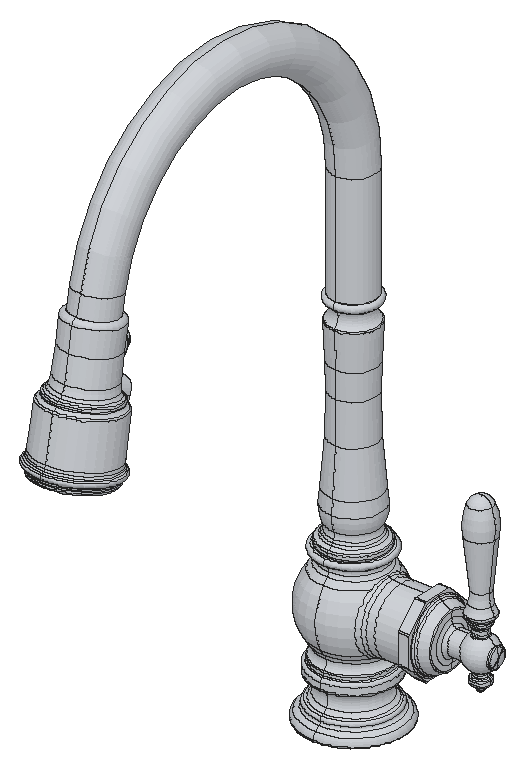
Revit family "Faucet-Kitchen-KOHLER-Artifacts-K-99259_1", category Plumbing Fixtures, host Face, Revit 2015
Parameters (values of type "CP - Polished Chrome")
  Width = 2 5/8"  # constant formula
  Waste Water Outlet = "Waste Water Outlet"  # constant formula
  Waste Connection = 1 = 0  # no
  Vent Connection = 1 = 0  # no
  URL = "https://www.us.kohler.com/us/"
  Type = 1
  Spout Reach = 9 1/16"  # constant formula
  Product Page URL = "http://www.us.kohler.com/us/catalog/productDetails.jsp?productNumber=99259"
  Product Name = "Artifacts"  # constant formula
  Product Documentation Link = "http://www.us.kohler.com/onlinecatalog/pdf/K-99259_spec.pdf"
  Pressure = 60.00 psi  # constant formula
  Model = if(Type = 1, "K-99259-CP", if(Type = 2, "K-99259-SN", if(Type = 3, "K-99259-VS", if(Type = 4, "K-99259-2BZ", "NA"))))  # "K-99259-CP"
  Material = "Premium Metal Construction"  # constant formula
  MasterFormat 2004 = "22.41.39"  # constant formula
  MasterFormat 1995 = "15410"  # constant formula
  Manufacturer Address = "444 Highland Dr, Kohler, WI 53044"  # constant formula
  Manufacturer = "KOHLER Co."  # constant formula
  Length = 11 7/16"  # constant formula
  Hot Water Inlet = "Hot Water Inlet"  # constant formula
  Height = 17 5/8"  # constant formula
  Handle Clearance = 4 7/8"  # constant formula
  HW Connection = 1 = 1  # yes
  Flow Rate = 1.5 GPM  # constant formula
  Finish = Kohler-Metal-CP-Polished_Chrome
  Faucet Hole Spacing = 0"
  Environmental Product Declaration = ""
  Drain Included = 1 = 0  # no
  Description = "Single-hole kitchen sink faucet with 17-5/8 inch pull-down spout and turned lever handle, DockNetik magnetic docking system, and 3-function sprayhead featuring Sweep and BerrySoft spray"  # constant formula
  Default Elevation = 36"
  Declare Label = ""
  Date Modified = "10/24/2018"  # constant formula
  Date Created = "10/24/2018"  # constant formula
  Copyright = "Copyright KOHLER Co."  # constant formula
  Contact Us = "https://www.us.kohler.com/us/static/contact.jsp"
  Cold Water Inlet = "Cold Water Inlet"  # constant formula
  CW Connection = 1 = 1  # yes
  Assembly Code = "D2010"
  ADA Compliant = 1 = 1  # yes
Reference planes (in)
  plane 1 "Center (Front/Back)": y = 0
  plane 2: z = 0
  plane 3 "Center (Left/Right)": x = 0
  plane 4: z = 17.625
  plane 5: y = 1.3125
  plane 6: y = -9.0625
  plane 7: y = -10.125
  plane 8: x = -1.3125
  plane 9: x = 1.3125
Dimensions and locks (in)
  "Height": level to plane 4
  "Length": plane 5 to plane 7
  "Spout Reach": plane 1 "Center (Front/Back)" to plane 6
  "Width": plane 8 to plane 9
  aligned and locked: plane 2 to host face
  aligned and locked: level to host face
Automatic sketch dimensions
  host sketch curve to host sketch curve = 96"  (x2)
Nested families (in)
  nested 1: "K-99259" at (0, 0, 0), type "K-99259"
Connectors (in)
  piping at (-0.58199, 0, 0), diameter 0.375, driven by "Flow Rate", driven by "Pressure", driven by "HW Connection", driven by "Hot Water Inlet"
    settings: on nested 1, index 1, connector inside diameter 24", connector length 0", flow factor 0, pipe flow 1.5 GPM, pressure drop 60.00 psi, fitting loss kfactor 0, connector angle 0.00°, fixture units 0, engagement length 0", angle of deflection 0.00°, flow configuration 1, flow direction 1, fitting loss method 4, system type 19, joint type 0, gender type 0, connector reference index -1, connector utility 1, adjustable connector no, is connector primary yes, connector description "Hot Water Inlet"
  piping at (0.58199, 0, 0), diameter 0.375, driven by "Flow Rate", driven by "Pressure", driven by "CW Connection", driven by "Cold Water Inlet"
    settings: on nested 1, index 2, connector inside diameter 24", connector length 0", flow factor 0, pipe flow 1.5 GPM, pressure drop 60.00 psi, fitting loss kfactor 0, connector angle 0.00°, fixture units 0, engagement length 0", angle of deflection 0.00°, flow configuration 1, flow direction 1, fitting loss method 4, system type 20, joint type 0, gender type 0, connector reference index -1, connector utility 1, adjustable connector no, is connector primary no, connector description "Cold Water Inlet"
Definition of nested family "K-99259"
  Parameters (values of type "K-99259")
    Material = none
  Reference planes (in)
    plane 1 "Center (Front/Back)": y = 0
    plane 2: z = 0
    plane 3 "Center (Left/Right)": x = 0
    plane 4 "A": through (0, -5.80621, 11.21426) normal (0, -0.9397, 0.342)
    plane 5: z = 17.625
    plane 6: y = -9.0625
    plane 7: z = 9.625
    plane 8: x = -1.3125
    plane 9: x = 1.3125
    plane 10: z = 6.375
    plane 11: z = 2.75
    plane 12: y = 1.3125
    plane 13: y = -10.125
    plane 14: y = -1.3125
  Forms (in)
    Sweep 1, solid, material <- "Material", detail levels medium+fine
      path origin (0, 0, 0) x (0, 1, 0) y (0, 0, 1)
        loop
          line (0, 9.90075) -> (0, 12.80434)
          arc (0, 12.80434) -> (-3.78632, 16.97276) -> (-8.29845, 13.60339) r 4.18769
          line (-8.29845, 13.60339) -> (-8.55403, 12.28855)
      profile origin (0, 0, 11.35254) x (0, -1, 0) y (1, 0, 0)
        loop
          circle (0, 0) r 0.5625
    Revolve 2, solid, material <- "Material", detail levels medium+fine
      sketch origin (0, -0.00781, 0) x (0, 1, 0) y (0, 0, 1)
        loop
          arc (-9.4025, 9.62223) -> (-9.39002, 9.61223) -> (-9.37501, 9.6067) r 0.04983
          line (-9.37501, 9.6067) -> (-9.07871, 9.54911) -> (-8.38894, 13.09769) -> (-8.95532, 13.20778)
          arc (-8.95532, 13.20778) -> (-9.05422, 13.18644) -> (-9.10703, 13.10014) r 0.12853
          arc (-9.10703, 13.10014) -> (-9.15527, 12.79365) -> (-9.21052, 12.48834) r 13.51963
          arc (-9.21052, 12.48834) -> (-9.27861, 12.16073) -> (-9.35611, 11.83522) r 11.61668
          arc (-9.35611, 11.83522) -> (-9.388, 11.73471) -> (-9.43152, 11.63866) r 0.89267
          arc (-9.43152, 11.63866) -> (-9.4565, 11.59926) -> (-9.48746, 11.56436) r 0.29048
          arc (-9.48746, 11.56436) -> (-9.52074, 11.54094) -> (-9.55949, 11.52851) r 0.13484
          arc (-9.55949, 11.52851) -> (-9.57898, 11.51924) -> (-9.59038, 11.50092) r 0.03836
          arc (-9.59038, 11.50092) -> (-9.59682, 11.47736) -> (-9.60304, 11.45375) r 2.69435
          arc (-9.60304, 11.45375) -> (-9.60726, 11.43864) -> (-9.61203, 11.4237) r 0.4197
          arc (-9.61203, 11.4237) -> (-9.64826, 11.37325) -> (-9.70642, 11.35147) r 0.10686
          arc (-9.70642, 11.35147) -> (-9.73002, 11.34183) -> (-9.743, 11.31988) r 0.03999
          line (-9.743, 11.31988) -> (-9.97416, 10.23235)
          arc (-9.97416, 10.23235) -> (-9.9833, 10.19565) -> (-9.99496, 10.15967) r 0.54553
          arc (-9.99496, 10.15967) -> (-10.00613, 10.13397) -> (-10.02039, 10.10985) r 0.22646
          arc (-10.02039, 10.10985) -> (-10.03667, 10.09174) -> (-10.05724, 10.07871) r 0.08933
          arc (-10.05724, 10.07871) -> (-10.08001, 10.067) -> (-10.10159, 10.05322) r 0.27399
          arc (-10.10159, 10.05322) -> (-10.12787, 9.99511) -> (-10.08993, 9.94384) r 0.06298
          arc (-10.08993, 9.94384) -> (-10.07053, 9.92982) -> (-10.05907, 9.90879) r 0.05413
          arc (-10.05907, 9.90879) -> (-10.05336, 9.8857) -> (-10.04921, 9.86227) r 0.35528
          arc (-10.04921, 9.86227) -> (-10.04753, 9.84503) -> (-10.04741, 9.82771) r 0.19229
          arc (-10.04741, 9.82771) -> (-10.04878, 9.79864) -> (-10.05066, 9.7696) r 1.64484
          arc (-10.05066, 9.7696) -> (-10.04584, 9.7534) -> (-10.03147, 9.74449) r 0.02379
          line (-10.03147, 9.74449) -> (-9.4025, 9.62223)
        axis (-8.38894, 13.09769) -> (-9.07871, 9.54911)
      angle from 0 to 360
    Revolve 3, solid, material <- "Material", detail levels medium+fine
      sketch origin (0, 0, 0) x (0, 1, 0) y (0, 0, 1)
        loop
          line (-7.70484, 12.46444) -> (-7.69609, 12.50946)
          arc (-7.69609, 12.50946) -> (-7.6993, 12.5298) -> (-7.71482, 12.54334) r 0.03016
          arc (-7.71482, 12.54334) -> (-7.73942, 12.55707) -> (-7.75929, 12.57705) r 0.10112
          arc (-7.75929, 12.57705) -> (-7.76852, 12.59534) -> (-7.7709, 12.61569) r 0.05872
          arc (-7.7709, 12.61569) -> (-7.77673, 12.63449) -> (-7.79349, 12.6448) r 0.02798
          line (-7.79349, 12.6448) -> (-8.05346, 12.69533) -> (-8.13657, 12.2678) -> (-7.5609, 12.1559)
          arc (-7.5609, 12.1559) -> (-7.54522, 12.26048) -> (-7.5381, 12.36599) r 1.29763
          arc (-7.5381, 12.36599) -> (-7.53909, 12.38779) -> (-7.53663, 12.40948) r 0.13815
          arc (-7.53663, 12.40948) -> (-7.53997, 12.42587) -> (-7.55391, 12.4351) r 0.02185
          line (-7.55391, 12.4351) -> (-7.70484, 12.46444)
        axis (-7.5609, 12.1559) -> (-8.13657, 12.2678)
      angle from 0 to 360
    Revolve 4, solid, material <- "Material", detail levels medium+fine
      sketch origin (0, 0, 0) x (1, 0, 0) y (0, 0, 1)
        loop
          line (0.3024, 2.67865) -> (3.15231, 2.67865) -> (3.15231, 2.99043) -> (2.6837, 2.99043)
          arc (2.6837, 2.99043) -> (2.61603, 3.0112) -> (2.57282, 3.06728) r 0.1167
          arc (2.57282, 3.06728) -> (2.55475, 3.13484) -> (2.54866, 3.20451) r 0.40195
          line (2.54866, 3.20451) -> (2.54866, 3.3497)
          arc (2.54866, 3.3497) -> (2.54451, 3.36662) -> (2.53299, 3.37968) r 0.03651
          arc (2.53299, 3.37968) -> (2.41861, 3.44736) -> (2.29563, 3.49773) r 0.91341
          arc (2.29563, 3.49773) -> (2.26563, 3.51104) -> (2.23845, 3.52943) r 0.18534
          arc (2.23845, 3.52943) -> (2.22435, 3.54361) -> (2.21351, 3.56043) r 0.09548
          arc (2.21351, 3.56043) -> (2.19997, 3.58149) -> (2.18236, 3.59929) r 0.12054
          line (2.18236, 3.59929) -> (2.18236, 3.52943) -> (1.21765, 3.52943)
          arc (1.21765, 3.52943) -> (1.11202, 3.53258) -> (1.00677, 3.54202) r 1.77146
          arc (1.00677, 3.54202) -> (0.95648, 3.55329) -> (0.90947, 3.57444) r 0.2553
          arc (0.90947, 3.57444) -> (0.64261, 3.68502) -> (0.35621, 3.72274) r 1.10614
          line (0.35621, 3.72274) -> (0.3024, 3.72274) -> (0.3024, 2.67865)
        loop
          line (3.62786, 2.94365) -> (3.62786, 2.67865) -> (3.75947, 2.67865)
          arc (3.75947, 2.67865) -> (3.7519, 2.79802) -> (3.72539, 2.91465) r 0.74746
          arc (3.72539, 2.91465) -> (3.71916, 2.93098) -> (3.70712, 2.94365) r 0.04454
          line (3.70712, 2.94365) -> (3.62786, 2.94365)
        axis (3.75947, 2.67865) -> (0.3024, 2.67865)
      angle from 0 to 360
    Revolve 5, solid, material <- "Material", detail levels medium+fine
      sketch origin (0, 0, 0) x (1, 0, 0) y (0, 0, 1)
        loop
          line (3.30354, 3.60165) -> (3.30354, 1.76818)
          arc (3.30354, 1.76818) -> (3.33518, 1.77585) -> (3.36294, 1.79286) r 0.1049
          arc (3.36294, 1.79286) -> (3.38417, 1.81395) -> (3.40192, 1.83804) r 0.19502
          arc (3.40192, 1.83804) -> (3.41333, 1.85567) -> (3.4253, 1.87291) r 0.64788
          arc (3.4253, 1.87291) -> (3.45949, 1.91644) -> (3.49727, 1.95689) r 0.64788
          arc (3.49727, 1.95689) -> (3.51228, 1.96821) -> (3.52971, 1.97526) r 0.07213
          arc (3.52971, 1.97526) -> (3.5457, 1.98581) -> (3.55189, 2.00395) r 0.02963
          line (3.55189, 2.00395) -> (3.55189, 2.07885)
          arc (3.55189, 2.07885) -> (3.54701, 2.0951) -> (3.53399, 2.10596) r 0.02948
          arc (3.53399, 2.10596) -> (3.51196, 2.11856) -> (3.49341, 2.13586) r 0.10989
          arc (3.49341, 2.13586) -> (3.48156, 2.15159) -> (3.47164, 2.1686) r 0.16772
          arc (3.47164, 2.1686) -> (3.46387, 2.19027) -> (3.46173, 2.2132) r 0.09206
          arc (3.46173, 2.2132) -> (3.4633, 2.23228) -> (3.46678, 2.2511) r 0.191
          arc (3.46678, 2.2511) -> (3.4759, 2.26968) -> (3.49218, 2.28248) r 0.04661
          arc (3.49218, 2.28248) -> (3.74292, 2.67267) -> (3.50313, 3.06968) r 0.4385
          arc (3.50313, 3.06968) -> (3.49149, 3.08042) -> (3.48719, 3.09566) r 0.02914
          line (3.48719, 3.09566) -> (3.48719, 3.15385)
          arc (3.48719, 3.15385) -> (3.48756, 3.20539) -> (3.48865, 3.25693) r 3.63054
          arc (3.48865, 3.25693) -> (3.48967, 3.27258) -> (3.49183, 3.28812) r 0.2143
          arc (3.49183, 3.28812) -> (3.49587, 3.30353) -> (3.50234, 3.31809) r 0.09829
          arc (3.50234, 3.31809) -> (3.51491, 3.33204) -> (3.53242, 3.33882) r 0.04048
          arc (3.53242, 3.33882) -> (3.54757, 3.34698) -> (3.55362, 3.36309) r 0.02449
          line (3.55362, 3.36309) -> (3.55362, 3.41796)
          arc (3.55362, 3.41796) -> (3.54427, 3.44052) -> (3.5217, 3.44987) r 0.03191
          spline (3.5217, 3.44987) -> (3.53634, 3.45424) -> (3.55034, 3.45936) -> (3.56373, 3.46523) -> (3.57649, 3.47183) -> (3.58863, 3.47918) -> (3.60015, 3.48728) -> (3.61104, 3.49612) -> (3.62131, 3.5057) -> (3.63095, 3.51602) -> (3.63998, 3.52709) -> (3.64837, 3.5389) -> (3.65615, 3.55146)
          arc (3.65615, 3.55146) -> (3.66287, 3.57655) -> (3.65615, 3.60165) r 0.05019
          arc (3.65615, 3.60165) -> (3.60376, 3.70879) -> (3.56658, 3.8221) r 0.86693
          arc (3.56658, 3.8221) -> (3.53951, 3.97977) -> (3.53732, 4.13973) r 1.02396
          arc (3.53732, 4.13973) -> (3.59153, 4.77229) -> (3.67219, 5.40202) r 15.14857
          arc (3.67219, 5.40202) -> (3.67894, 5.76745) -> (3.5916, 6.12235) r 1.41088
          arc (3.5916, 6.12235) -> (3.47816, 6.26705) -> (3.30354, 6.32465) r 0.31761
          line (3.30354, 6.32465) -> (3.30354, 3.60165)
        axis (3.30354, 6.32465) -> (3.30354, 1.76818)
      angle from 0 to 360
    Extrusion 6, solid, material <- "Material", detail levels medium+fine
      sketch origin (0, 0, 0) x (0, 1, 0) y (0, 0, 1)
        loop
          arc (-0.92161, 3.07864) -> (-0.93104, 3.06511) -> (-0.93521, 3.04915) r 0.04694
          line (-0.93521, 3.04915) -> (-0.93521, 2.30815)
          arc (-0.93521, 2.30815) -> (-0.93164, 2.29224) -> (-0.92161, 2.27938) r 0.03722
          line (-0.92161, 2.27938) -> (-0.39836, 1.75614)
          arc (-0.39836, 1.75614) -> (-0.38244, 1.74629) -> (-0.3638, 1.7446) r 0.04077
          line (-0.3638, 1.7446) -> (0.36386, 1.7446)
          arc (0.36386, 1.7446) -> (0.38063, 1.74717) -> (0.39586, 1.75463) r 0.0561
          line (0.39586, 1.75463) -> (0.92406, 2.28283)
          arc (0.92406, 2.28283) -> (0.93143, 2.30316) -> (0.93393, 2.32464) r 0.09349
          line (0.93393, 2.32464) -> (0.93393, 3.04055)
          arc (0.93393, 3.04055) -> (0.93349, 3.05915) -> (0.92406, 3.07519) r 0.03703
          line (0.92406, 3.07519) -> (0.39586, 3.60339)
          arc (0.39586, 3.60339) -> (0.38063, 3.61085) -> (0.36386, 3.61342) r 0.0561
          line (0.36386, 3.61342) -> (-0.3638, 3.61342)
          arc (-0.3638, 3.61342) -> (-0.38244, 3.61173) -> (-0.39836, 3.60188) r 0.04077
          line (-0.39836, 3.60188) -> (-0.92161, 3.07864)
      from 1.90976 to 2.19119
    Extrusion 7, solid, material <- "Material", detail levels medium+fine
      sketch origin (0, -9.98562, 0.36054) x (0, 0.34202, 0.939693) y (-1, 0, 0)
        loop
          line (10.31186, -0.37248) -> (10.78024, -0.37233)
          arc (10.78024, -0.37233) -> (11.12388, -0.02846) -> (10.78001, 0.31517) r 0.34375
          line (10.78001, 0.31517) -> (10.31163, 0.31502)
          arc (10.31163, 0.31502) -> (9.968, -0.02885) -> (10.31186, -0.37248) r 0.34375
      from 1.25959 to 2.00568
    Extrusion 8, solid, material <- "Material", detail levels medium+fine
      sketch origin (0, 0, 0) x (1, 0, 0) y (0, 1, 0)
        loop
          circle (0.58199, 0) r 0.1875
        loop
          circle (-0.58199, 0) r 0.1875
      from 0 to 0.02439
    Revolve 9, solid, material <- "Material", detail levels medium+fine
      sketch origin (0, 0, 0) x (0, 1, 0) y (0, 0, 1)
        loop
          arc (1.28053, 0) -> (1.29481, 0.00597) -> (1.3006, 0.02033) r 0.02008
          arc (1.3006, 0.02033) -> (1.28166, 0.1163) -> (1.22976, 0.19921) r 0.26993
          arc (1.22976, 0.19921) -> (1.17218, 0.24877) -> (1.10455, 0.28339) r 0.32068
          arc (1.10455, 0.28339) -> (1.0669, 0.31812) -> (1.06464, 0.36929) r 0.06725
          arc (1.06464, 0.36929) -> (1.06064, 0.4273) -> (1.01511, 0.46347) r 0.07205
          arc (1.01511, 0.46347) -> (0.98141, 0.47612) -> (0.95102, 0.49542) r 0.17459
          arc (0.95102, 0.49542) -> (0.90252, 0.54188) -> (0.86364, 0.59664) r 0.35494
          arc (0.86364, 0.59664) -> (0.83989, 0.87292) -> (1.03652, 1.06846) r 0.32764
          arc (1.03652, 1.06846) -> (1.04991, 1.07869) -> (1.05499, 1.09475) r 0.02794
          line (1.05499, 1.09475) -> (1.05499, 1.26925)
          arc (1.05499, 1.26925) -> (1.03607, 1.32522) -> (0.98707, 1.35823) r 0.09224
          arc (0.98707, 1.35823) -> (0.97155, 1.36868) -> (0.96555, 1.38641) r 0.02921
          line (0.96555, 1.38641) -> (0.96555, 1.4655)
          arc (0.96555, 1.4655) -> (0.96209, 1.48061) -> (0.9524, 1.49269) r 0.03468
          arc (0.9524, 1.49269) -> (0.87945, 1.60216) -> (0.88455, 1.7336) r 0.21338
          arc (0.88455, 1.7336) -> (0.91348, 1.79779) -> (0.95124, 1.85723) r 0.49427
          arc (0.95124, 1.85723) -> (1.00236, 1.92941) -> (1.05038, 2.00369) r 2.09464
          arc (1.05038, 2.00369) -> (1.23935, 2.75029) -> (0.96665, 3.47055) r 1.28264
          arc (0.96665, 3.47055) -> (0.90668, 3.54587) -> (0.8459, 3.62054) r 8.80401
          arc (0.8459, 3.62054) -> (0.81519, 3.66947) -> (0.79791, 3.72459) r 0.22574
          arc (0.79791, 3.72459) -> (0.80331, 3.7998) -> (0.84374, 3.86344) r 0.15409
          arc (0.84374, 3.86344) -> (0.85902, 3.87589) -> (0.87596, 3.88597) r 0.1339
          arc (0.87596, 3.88597) -> (0.90394, 3.90174) -> (0.93021, 3.92023) r 0.32051
          arc (0.93021, 3.92023) -> (0.95479, 4.00329) -> (0.88427, 4.05402) r 0.07459
          line (0.88427, 4.05402) -> (0.79296, 4.05402)
          arc (0.79296, 4.05402) -> (0.81493, 4.06329) -> (0.82401, 4.08534) r 0.03132
          line (0.82401, 4.08534) -> (0.82401, 4.18282)
          arc (0.82401, 4.18282) -> (0.81875, 4.19999) -> (0.80479, 4.21127) r 0.03068
          arc (0.80479, 4.21127) -> (0.75064, 4.24026) -> (0.70403, 4.28026) r 0.28264
          arc (0.70403, 4.28026) -> (0.68148, 4.30684) -> (0.66164, 4.3355) r 0.35537
          arc (0.66164, 4.3355) -> (0.64277, 4.36965) -> (0.62751, 4.40556) r 0.37838
          arc (0.62751, 4.40556) -> (0.61339, 4.49816) -> (0.63623, 4.58901) r 0.23716
          arc (0.63623, 4.58901) -> (0.70176, 4.78872) -> (0.71457, 4.99852) r 0.82313
          arc (0.71457, 4.99852) -> (0.69953, 5.18639) -> (0.67965, 5.37381) r 7.32072
          arc (0.67965, 5.37381) -> (0.61929, 5.96327) -> (0.57839, 6.5544) r 17.9792
          arc (0.57839, 6.5544) -> (0.56033, 7.09048) -> (0.56256, 7.62687) r 14.17307
          line (0.56256, 7.62687) -> (0.57833, 8.30959)
          arc (0.57833, 8.30959) -> (0.59426, 8.77479) -> (0.62056, 9.23952) r 20.87522
          arc (0.62056, 9.23952) -> (0.61765, 9.25569) -> (0.60744, 9.26856) r 0.03373
          arc (0.60744, 9.26856) -> (0.49432, 9.46239) -> (0.54938, 9.67995) r 0.29654
          arc (0.54938, 9.67995) -> (0.56171, 9.69138) -> (0.57738, 9.69749) r 0.04508
          arc (0.57738, 9.69749) -> (0.60032, 9.70509) -> (0.62038, 9.71855) r 0.08936
          arc (0.62038, 9.71855) -> (0.64398, 9.81487) -> (0.56234, 9.87117) r 0.08734
          line (0.56234, 9.87117) -> (0.43948, 9.87117)
          arc (0.43948, 9.87117) -> (0.41077, 9.87944) -> (0.38985, 9.90075) r 0.05874
          line (0.38985, 9.90075) -> (0.38985, 10.12193) -> (0, 10.12193) -> (0, 0) -> (1.28053, 0)
        axis (0, 10.12193) -> (0, 0)
      angle from 0 to 360
    Extrusion 10, void, detail levels medium+fine
      sketch origin (0, 0, 0) x (0, 1, 0) y (0, 0, 1)
        loop
          arc (-7.58197, 11.32662) -> (-7.54782, 11.28651) -> (-7.55947, 11.23513) r 0.05884
          arc (-7.55947, 11.23513) -> (-7.62097, 11.15622) -> (-7.67845, 11.07433) r 2.00367
          arc (-7.67845, 11.07433) -> (-7.81569, 10.80866) -> (-7.89147, 10.5194) r 1.35822
          arc (-7.89147, 10.5194) -> (-7.90357, 10.42124) -> (-7.9111, 10.32262) r 2.12727
          arc (-7.9111, 10.32262) -> (-7.92588, 10.28428) -> (-7.96042, 10.26203) r 0.06627
          line (-7.96042, 10.26203) -> (-7.96042, 10.05173) -> (-7.15129, 10.05173) -> (-7.15129, 11.73353) -> (-7.7903, 11.73353) -> (-7.7903, 11.41505) -> (-7.58197, 11.32662)
      from -0.61054 to 1.08332
    Extrusion 11, void, detail levels medium+fine
      sketch origin (0, 0, 0) x (0, 1, 0) y (0, 0, 1)
        loop
          line (0.06384, 2.78668) -> (-0.10803, 2.61481)
          arc (-0.10803, 2.61481) -> (-0.13698, 2.58716) -> (-0.16715, 2.56086) r 0.87669
          arc (-0.16715, 2.56086) -> (-0.18046, 2.55202) -> (-0.19536, 2.54625) r 0.07401
          arc (-0.19536, 2.54625) -> (-0.16883, 2.51375) -> (-0.13696, 2.48646) r 0.236
          arc (-0.13696, 2.48646) -> (-0.10187, 2.52982) -> (-0.06384, 2.57061) r 0.79606
          line (-0.06384, 2.57061) -> (0.10803, 2.74249)
          arc (0.10803, 2.74249) -> (0.14883, 2.78053) -> (0.19217, 2.81564) r 0.79992
          arc (0.19217, 2.81564) -> (0.16494, 2.84744) -> (0.13252, 2.87393) r 0.236
          arc (0.13252, 2.87393) -> (0.12592, 2.85736) -> (0.11583, 2.84265) r 0.08057
          arc (0.11583, 2.84265) -> (0.09035, 2.81419) -> (0.06384, 2.78668) r 1.03848
      from 3.60861 to 3.81652
    Extrusion 12, solid, material <- "Material", detail levels coarse
      sketch origin (0, 0, 0) x (1, 0, 0) y (0, 1, 0)
        loop
          circle (0, 0) r 1.29955
      from 0 to 4.04952
    Sweep 13, solid, material <- "Material", detail levels coarse
      path origin (0, 0, 0) x (0, 1, 0) y (0, 0, 1)
        loop
          line (0, 4.05402) -> (0, 12.81613)
          arc (0, 12.81613) -> (-3.7853, 16.98342) -> (-8.2962, 13.61497) r 4.18656
          line (-8.2962, 13.61497) -> (-9.08462, 9.55892)
      profile origin (0, 0, 8.43508) x (0, -1, 0) y (1, 0, 0)
        loop
          circle (0, 0) r 1.09766
    Extrusion 14, solid, material <- "Material", detail levels coarse
      sketch origin (0, 0, 0) x (0, 1, 0) y (0, 0, 1)
        loop
          circle (0, 2.67865) r 1.0419
      from 0 to 2.6837
    Extrusion 15, solid, material <- "Material", detail levels coarse
      sketch origin (0, 0, 0) x (1, 0, 0) y (0, 1, 0)
        loop
          circle (3.30354, 0) r 0.48789
      from 1.75463 to 6.39697
    Extrusion 16, solid, material <- "Material", detail levels coarse
      sketch origin (0, 0, 0) x (0, 1, 0) y (0, 0, 1)
        loop
          circle (0, 2.67865) r 0.31178
      from 2.54478 to 2.88361
  Cuts and joins
    Extrusion 11 cuts Revolve 4
    joined: Sweep 1, Revolve 2, Revolve 4, Revolve 5, Extrusion 6
    Extrusion 10 cuts Extrusion 7
    joined: Revolve 3, Extrusion 7, Revolve 9
    joined: Extrusion 12, Sweep 13, Extrusion 14, Extrusion 15, Extrusion 16
  Lines and regions (in)
    Masking region 1
      outline origin (0, 0, 0) x (1, 0, 0) y (0, 1, 0)
        loop
          line (-0.56316, -1.18554) -> (-0.56316, -7.95731)
          arc (-0.56316, -7.95731) -> (-0.7658, -8.14363) -> (-0.90918, -8.37863) r 0.98818
          arc (-0.90918, -8.37863) -> (-1.03892, -9.43039) -> (-0.22198, -10.10541) r 1.10221
          arc (-0.22198, -10.10541) -> (0.09719, -10.12064) -> (0.40794, -10.04621) r 1.13385
          arc (0.40794, -10.04621) -> (1.07273, -9.32589) -> (0.90085, -8.36087) r 1.10221
          arc (0.90085, -8.36087) -> (0.75925, -8.13672) -> (0.56316, -7.95828) r 0.98818
          line (0.56316, -7.95828) -> (0.56316, -1.18554)
          arc (0.56316, -1.18554) -> (0.78996, -1.04815) -> (0.98451, -0.86798) r 1.3125
          arc (0.98451, -0.86798) -> (1.0804, -0.85513) -> (1.17704, -0.85084) r 1.08987
          line (1.17704, -0.85084) -> (1.91061, -0.85084) -> (1.91061, -0.88441) -> (1.93483, -0.92104)
          arc (1.93483, -0.92104) -> (1.94638, -0.9315) -> (1.96154, -0.93511) r 0.03136
          line (1.96154, -0.93511) -> (2.15892, -0.93167)
          arc (2.15892, -0.93167) -> (2.17594, -0.92743) -> (2.18938, -0.91616) r 0.03901
          arc (2.18938, -0.91616) -> (2.20176, -0.89932) -> (2.2137, -0.88217) r 0.82493
          arc (2.2137, -0.88217) -> (2.24911, -0.84441) -> (2.29449, -0.81949) r 0.16491
          arc (2.29449, -0.81949) -> (2.42603, -0.76259) -> (2.54928, -0.68945) r 1.12629
          line (2.54928, -0.68945) -> (2.54928, -0.51338)
          arc (2.54928, -0.51338) -> (2.55428, -0.45617) -> (2.56915, -0.40069) r 0.32948
          arc (2.56915, -0.40069) -> (2.61157, -0.33659) -> (2.68432, -0.31178) r 0.11905
          line (2.68432, -0.31178) -> (2.9516, -0.31178)
          arc (2.9516, -0.31178) -> (2.98544, -0.31784) -> (3.01506, -0.33527) r 0.09746
          arc (3.01506, -0.33527) -> (3.35083, -0.43909) -> (3.65611, -0.26496) r 0.44173
          line (3.65611, -0.26496) -> (3.70712, -0.26496)
          arc (3.70712, -0.26496) -> (3.71818, -0.25169) -> (3.72539, -0.236) r 0.0655
          arc (3.72539, -0.236) -> (3.76088, 0) -> (3.72539, 0.236) r 0.80253
          arc (3.72539, 0.236) -> (3.71999, 0.25227) -> (3.70851, 0.26501) r 0.04185
          line (3.70851, 0.26501) -> (3.65607, 0.26501)
          arc (3.65607, 0.26501) -> (3.35083, 0.43909) -> (3.01511, 0.3353) r 0.44173
          arc (3.01511, 0.3353) -> (2.98543, 0.31785) -> (2.95153, 0.31178) r 0.09766
          line (2.95153, 0.31178) -> (2.68432, 0.31178)
          arc (2.68432, 0.31178) -> (2.61157, 0.33659) -> (2.56915, 0.40069) r 0.11905
          arc (2.56915, 0.40069) -> (2.55428, 0.45617) -> (2.54928, 0.51338) r 0.32948
          line (2.54928, 0.51338) -> (2.54928, 0.68945)
          arc (2.54928, 0.68945) -> (2.42657, 0.76232) -> (2.29563, 0.81908) r 1.12629
          arc (2.29563, 0.81908) -> (2.27641, 0.82635) -> (2.25743, 0.83424) r 0.64305
          arc (2.25743, 0.83424) -> (2.24146, 0.84424) -> (2.22915, 0.85851) r 0.06308
          arc (2.22915, 0.85851) -> (2.20988, 0.88776) -> (2.18938, 0.91616) r 0.82493
          arc (2.18938, 0.91616) -> (2.17594, 0.92743) -> (2.15892, 0.93167) r 0.03901
          line (2.15892, 0.93167) -> (1.96154, 0.93511)
          arc (1.96154, 0.93511) -> (1.94638, 0.9315) -> (1.93483, 0.92104) r 0.03136
          line (1.93483, 0.92104) -> (1.91061, 0.88441) -> (1.91061, 0.84999) -> (1.17704, 0.84999)
          arc (1.17704, 0.84999) -> (1.08085, 0.85424) -> (0.98541, 0.86696) r 1.08987
          arc (0.98541, 0.86696) -> (-1.04775, 0.7905) -> (-0.56316, -1.18554) r 1.3125
    Masking region 2
      outline origin (0, 0, 0) x (1, 0, 0) y (0, 0, 1)
        loop
          line (-1.29243, 0) -> (1.29244, 0)
          arc (1.29244, 0) -> (1.30673, 0.00597) -> (1.31252, 0.02033) r 0.02008
          arc (1.31252, 0.02033) -> (1.29357, 0.1163) -> (1.24167, 0.19921) r 0.26993
          arc (1.24167, 0.19921) -> (1.18409, 0.24877) -> (1.11646, 0.28339) r 0.32068
          arc (1.11646, 0.28339) -> (1.07881, 0.31812) -> (1.07655, 0.36929) r 0.06725
          arc (1.07655, 0.36929) -> (1.07255, 0.4273) -> (1.02703, 0.46347) r 0.07205
          arc (1.02703, 0.46347) -> (0.99332, 0.47612) -> (0.96293, 0.49542) r 0.17459
          arc (0.96293, 0.49542) -> (0.91443, 0.54188) -> (0.87555, 0.59664) r 0.35494
          arc (0.87555, 0.59664) -> (0.8518, 0.87292) -> (1.04843, 1.06846) r 0.32764
          arc (1.04843, 1.06846) -> (1.06182, 1.07869) -> (1.0669, 1.09475) r 0.02794
          line (1.0669, 1.09475) -> (1.0669, 1.26925)
          arc (1.0669, 1.26925) -> (1.04798, 1.32522) -> (0.99898, 1.35823) r 0.09224
          arc (0.99898, 1.35823) -> (0.98346, 1.36868) -> (0.97747, 1.38641) r 0.02921
          line (0.97747, 1.38641) -> (0.97747, 1.4655)
          arc (0.97747, 1.4655) -> (0.97401, 1.48061) -> (0.96431, 1.49269) r 0.03468
          arc (0.96431, 1.49269) -> (0.89136, 1.60216) -> (0.89646, 1.7336) r 0.21338
          arc (0.89646, 1.7336) -> (0.90444, 1.75391) -> (0.9133, 1.77385) r 0.49427
          arc (0.9133, 1.77385) -> (0.923, 1.78737) -> (0.93687, 1.79656) r 0.04605
          arc (0.93687, 1.79656) -> (0.97115, 1.80841) -> (1.00677, 1.81527) r 0.2553
          arc (1.00677, 1.81527) -> (1.11202, 1.82472) -> (1.21765, 1.82787) r 1.77146
          line (1.21765, 1.82787) -> (1.90976, 1.82787) -> (1.90976, 1.79383) -> (1.93672, 1.75805)
          arc (1.93672, 1.75805) -> (1.94844, 1.74731) -> (1.9639, 1.7436) r 0.03174
          line (1.9639, 1.7436) -> (2.15087, 1.74686)
          arc (2.15087, 1.74686) -> (2.16848, 1.75023) -> (2.18392, 1.75933) r 0.05249
          arc (2.18392, 1.75933) -> (2.2006, 1.77663) -> (2.21351, 1.79689) r 0.12054
          arc (2.21351, 1.79689) -> (2.22435, 1.81368) -> (2.23845, 1.82787) r 0.09548
          arc (2.23845, 1.82787) -> (2.26563, 1.84626) -> (2.29563, 1.85957) r 0.18534
          arc (2.29563, 1.85957) -> (2.41861, 1.90993) -> (2.53299, 1.97762) r 0.91341
          arc (2.53299, 1.97762) -> (2.54451, 1.99068) -> (2.54866, 2.0076) r 0.03651
          line (2.54866, 2.0076) -> (2.54866, 2.15278)
          arc (2.54866, 2.15278) -> (2.55475, 2.22246) -> (2.57282, 2.29002) r 0.40195
          arc (2.57282, 2.29002) -> (2.61603, 2.34609) -> (2.6837, 2.36687) r 0.1167
          line (2.6837, 2.36687) -> (2.94396, 2.36687)
          arc (2.94396, 2.36687) -> (2.98816, 2.3593) -> (3.02733, 2.33744) r 0.13281
          arc (3.02733, 2.33744) -> (3.06949, 2.30737) -> (3.11489, 2.28248) r 0.4385
          arc (3.11489, 2.28248) -> (3.13117, 2.26968) -> (3.14029, 2.2511) r 0.04661
          arc (3.14029, 2.2511) -> (3.14377, 2.23228) -> (3.14534, 2.2132) r 0.191
          arc (3.14534, 2.2132) -> (3.1432, 2.19027) -> (3.13543, 2.1686) r 0.09206
          arc (3.13543, 2.1686) -> (3.12551, 2.15159) -> (3.11366, 2.13586) r 0.16772
          arc (3.11366, 2.13586) -> (3.09511, 2.11856) -> (3.07308, 2.10596) r 0.10989
          arc (3.07308, 2.10596) -> (3.06006, 2.0951) -> (3.05518, 2.07885) r 0.02948
          line (3.05518, 2.07885) -> (3.05518, 2.00395)
          arc (3.05518, 2.00395) -> (3.06137, 1.98581) -> (3.07736, 1.97526) r 0.02963
          arc (3.07736, 1.97526) -> (3.09479, 1.96821) -> (3.1098, 1.95689) r 0.07213
          arc (3.1098, 1.95689) -> (3.14758, 1.91644) -> (3.18177, 1.87291) r 0.64788
          arc (3.18177, 1.87291) -> (3.19374, 1.85567) -> (3.20515, 1.83804) r 0.64788
          arc (3.20515, 1.83804) -> (3.2229, 1.81395) -> (3.24413, 1.79286) r 0.19502
          arc (3.24413, 1.79286) -> (3.2719, 1.77585) -> (3.30354, 1.76818) r 0.1049
          arc (3.30354, 1.76818) -> (3.33518, 1.77585) -> (3.36294, 1.79286) r 0.1049
          arc (3.36294, 1.79286) -> (3.38417, 1.81395) -> (3.40192, 1.83804) r 0.19502
          arc (3.40192, 1.83804) -> (3.41333, 1.85567) -> (3.4253, 1.87291) r 0.64788
          arc (3.4253, 1.87291) -> (3.45949, 1.91644) -> (3.49727, 1.95689) r 0.64788
          arc (3.49727, 1.95689) -> (3.51228, 1.96821) -> (3.52971, 1.97526) r 0.07213
          arc (3.52971, 1.97526) -> (3.5457, 1.98581) -> (3.55189, 2.00395) r 0.02963
          line (3.55189, 2.00395) -> (3.55189, 2.07885)
          arc (3.55189, 2.07885) -> (3.54701, 2.0951) -> (3.53399, 2.10596) r 0.02948
          arc (3.53399, 2.10596) -> (3.51196, 2.11856) -> (3.49341, 2.13586) r 0.10989
          arc (3.49341, 2.13586) -> (3.48156, 2.15159) -> (3.47164, 2.1686) r 0.16772
          arc (3.47164, 2.1686) -> (3.46387, 2.19027) -> (3.46173, 2.2132) r 0.09206
          arc (3.46173, 2.2132) -> (3.4633, 2.23228) -> (3.46678, 2.2511) r 0.191
          arc (3.46678, 2.2511) -> (3.4759, 2.26968) -> (3.49218, 2.28248) r 0.04661
          arc (3.49218, 2.28248) -> (3.58085, 2.33834) -> (3.65373, 2.41364) r 0.4385
          line (3.65373, 2.41364) -> (3.70712, 2.41364)
          arc (3.70712, 2.41364) -> (3.71916, 2.42632) -> (3.72539, 2.44265) r 0.04454
          arc (3.72539, 2.44265) -> (3.7519, 2.55928) -> (3.75947, 2.67865) r 0.74746
          arc (3.75947, 2.67865) -> (3.7519, 2.79802) -> (3.72539, 2.91465) r 0.74746
          arc (3.72539, 2.91465) -> (3.71916, 2.93098) -> (3.70712, 2.94365) r 0.04454
          line (3.70712, 2.94365) -> (3.65392, 2.94365)
          arc (3.65392, 2.94365) -> (3.58567, 3.01523) -> (3.50313, 3.06968) r 0.4385
          arc (3.50313, 3.06968) -> (3.49149, 3.08042) -> (3.48719, 3.09566) r 0.02914
          line (3.48719, 3.09566) -> (3.48719, 3.15385)
          arc (3.48719, 3.15385) -> (3.48756, 3.20539) -> (3.48865, 3.25693) r 3.63054
          arc (3.48865, 3.25693) -> (3.48967, 3.27258) -> (3.49183, 3.28812) r 0.2143
          arc (3.49183, 3.28812) -> (3.49587, 3.30353) -> (3.50234, 3.31809) r 0.09829
          arc (3.50234, 3.31809) -> (3.51491, 3.33204) -> (3.53242, 3.33882) r 0.04048
          arc (3.53242, 3.33882) -> (3.54757, 3.34698) -> (3.55362, 3.36309) r 0.02449
          line (3.55362, 3.36309) -> (3.55362, 3.41796)
          arc (3.55362, 3.41796) -> (3.54427, 3.44052) -> (3.5217, 3.44987) r 0.03191
          arc (3.5217, 3.44987) -> (3.59923, 3.48703) -> (3.65615, 3.55146) r 0.21631
          arc (3.65615, 3.55146) -> (3.66287, 3.57655) -> (3.65615, 3.60165) r 0.05019
          arc (3.65615, 3.60165) -> (3.60376, 3.70879) -> (3.56658, 3.8221) r 0.86693
          arc (3.56658, 3.8221) -> (3.53951, 3.97977) -> (3.53732, 4.13973) r 1.02396
          arc (3.53732, 4.13973) -> (3.59153, 4.77229) -> (3.67219, 5.40202) r 15.14857
          arc (3.67219, 5.40202) -> (3.67198, 5.82057) -> (3.54897, 6.22063) r 1.41088
          arc (3.54897, 6.22063) -> (3.30354, 6.37513) -> (3.0581, 6.22063) r 0.2722
          arc (3.0581, 6.22063) -> (2.9351, 5.82057) -> (2.93488, 5.40202) r 1.41088
          arc (2.93488, 5.40202) -> (3.01554, 4.77229) -> (3.06975, 4.13973) r 15.14857
          arc (3.06975, 4.13973) -> (3.06757, 3.97977) -> (3.04049, 3.8221) r 1.02396
          arc (3.04049, 3.8221) -> (3.00331, 3.70879) -> (2.95092, 3.60165) r 0.86693
          arc (2.95092, 3.60165) -> (2.9442, 3.57655) -> (2.95092, 3.55146) r 0.05019
          arc (2.95092, 3.55146) -> (3.00785, 3.48703) -> (3.08537, 3.44987) r 0.21631
          arc (3.08537, 3.44987) -> (3.0628, 3.44052) -> (3.05346, 3.41796) r 0.03191
          line (3.05346, 3.41796) -> (3.05346, 3.36309)
          arc (3.05346, 3.36309) -> (3.0595, 3.34698) -> (3.07465, 3.33882) r 0.02449
          arc (3.07465, 3.33882) -> (3.09216, 3.33204) -> (3.10473, 3.31809) r 0.04048
          arc (3.10473, 3.31809) -> (3.1112, 3.30353) -> (3.11524, 3.28812) r 0.09829
          arc (3.11524, 3.28812) -> (3.1174, 3.27258) -> (3.11842, 3.25693) r 0.2143
          arc (3.11842, 3.25693) -> (3.11951, 3.20539) -> (3.11988, 3.15385) r 3.63054
          line (3.11988, 3.15385) -> (3.11988, 3.09566)
          arc (3.11988, 3.09566) -> (3.11558, 3.08042) -> (3.10394, 3.06968) r 0.02914
          arc (3.10394, 3.06968) -> (3.06432, 3.04687) -> (3.02729, 3.02006) r 0.4385
          arc (3.02729, 3.02006) -> (2.98786, 2.99805) -> (2.94334, 2.99043) r 0.1337
          line (2.94334, 2.99043) -> (2.6837, 2.99043)
          arc (2.6837, 2.99043) -> (2.61603, 3.0112) -> (2.57282, 3.06728) r 0.1167
          arc (2.57282, 3.06728) -> (2.55475, 3.13484) -> (2.54866, 3.20451) r 0.40195
          line (2.54866, 3.20451) -> (2.54866, 3.3497)
          arc (2.54866, 3.3497) -> (2.54451, 3.36662) -> (2.53299, 3.37968) r 0.03651
          arc (2.53299, 3.37968) -> (2.41861, 3.44736) -> (2.29563, 3.49773) r 0.91341
          arc (2.29563, 3.49773) -> (2.26563, 3.51104) -> (2.23845, 3.52943) r 0.18534
          arc (2.23845, 3.52943) -> (2.22435, 3.54361) -> (2.21351, 3.56043) r 0.09548
          arc (2.21351, 3.56043) -> (2.2006, 3.58069) -> (2.18392, 3.59799) r 0.12054
          arc (2.18392, 3.59799) -> (2.16848, 3.60709) -> (2.15087, 3.61046) r 0.05249
          line (2.15087, 3.61046) -> (1.9639, 3.61372)
          arc (1.9639, 3.61372) -> (1.94844, 3.61001) -> (1.93672, 3.59927) r 0.03174
          line (1.93672, 3.59927) -> (1.90976, 3.56349) -> (1.90976, 3.52943) -> (1.21765, 3.52943)
          arc (1.21765, 3.52943) -> (1.11202, 3.53258) -> (1.00677, 3.54202) r 1.77146
          arc (1.00677, 3.54202) -> (0.93868, 3.55997) -> (0.87807, 3.59584) r 0.2553
          arc (0.87807, 3.59584) -> (0.86795, 3.6082) -> (0.85781, 3.62054) r 8.80401
          arc (0.85781, 3.62054) -> (0.82711, 3.66947) -> (0.80982, 3.72459) r 0.22574
          arc (0.80982, 3.72459) -> (0.81522, 3.7998) -> (0.85565, 3.86344) r 0.15409
          arc (0.85565, 3.86344) -> (0.87093, 3.87589) -> (0.88787, 3.88597) r 0.1339
          arc (0.88787, 3.88597) -> (0.91586, 3.90174) -> (0.94212, 3.92023) r 0.32051
          arc (0.94212, 3.92023) -> (0.96671, 4.00329) -> (0.89618, 4.05358) r 0.07459
          line (0.89618, 4.05358) -> (0.80488, 4.05402)
          arc (0.80488, 4.05402) -> (0.82685, 4.06329) -> (0.83592, 4.08534) r 0.03132
          line (0.83592, 4.08534) -> (0.83592, 4.18282)
          arc (0.83592, 4.18282) -> (0.83067, 4.19999) -> (0.8167, 4.21127) r 0.03068
          arc (0.8167, 4.21127) -> (0.76255, 4.24026) -> (0.71595, 4.28026) r 0.28264
          arc (0.71595, 4.28026) -> (0.69339, 4.30684) -> (0.67355, 4.3355) r 0.35537
          arc (0.67355, 4.3355) -> (0.65468, 4.36965) -> (0.63943, 4.40556) r 0.37838
          arc (0.63943, 4.40556) -> (0.62531, 4.49816) -> (0.64814, 4.58901) r 0.23716
          arc (0.64814, 4.58901) -> (0.71367, 4.78872) -> (0.72649, 4.99852) r 0.82313
          arc (0.72649, 4.99852) -> (0.71144, 5.18639) -> (0.69157, 5.37381) r 7.32072
          arc (0.69157, 5.37381) -> (0.63121, 5.96327) -> (0.5903, 6.5544) r 17.9792
          arc (0.5903, 6.5544) -> (0.57224, 7.09048) -> (0.57447, 7.62687) r 14.17307
          line (0.57447, 7.62687) -> (0.59024, 8.30959)
          arc (0.59024, 8.30959) -> (0.60617, 8.77479) -> (0.63248, 9.23952) r 20.87522
          arc (0.63248, 9.23952) -> (0.62956, 9.25569) -> (0.61936, 9.26856) r 0.03373
          arc (0.61936, 9.26856) -> (0.56099, 9.32812) -> (0.52152, 9.40157) r 0.29654
          arc (0.52152, 9.40157) -> (0.70267, 9.42923) -> (0.87941, 9.47765) r 1.58232
          arc (0.87941, 9.47765) -> (0.92386, 9.49677) -> (0.96462, 9.52282) r 0.29869
          arc (0.96462, 9.52282) -> (0.98911, 9.55163) -> (0.99926, 9.58805) r 0.08799
          arc (0.99926, 9.58805) -> (1.00547, 9.633) -> (1.01897, 9.67632) r 0.27599
          arc (1.01897, 9.67632) -> (1.06941, 9.70805) -> (1.10687, 9.75439) r 0.18167
          arc (1.10687, 9.75439) -> (1.1172, 9.78456) -> (1.11591, 9.81642) r 0.08657
          arc (1.11591, 9.81642) -> (1.08532, 9.88064) -> (1.03041, 9.92585) r 0.16393
          arc (1.03041, 9.92585) -> (1.0195, 9.95812) -> (1.01397, 9.99173) r 0.20926
          arc (1.01397, 9.99173) -> (1.01158, 10.02815) -> (1.01035, 10.06462) r 1.14438
          line (1.01035, 10.06462) -> (0.99139, 11.13141)
          arc (0.99139, 11.13141) -> (0.98141, 11.1694) -> (0.95506, 11.19853) r 0.0829
          arc (0.95506, 11.19853) -> (0.92372, 11.22089) -> (0.88927, 11.23806) r 0.24477
          arc (0.88927, 11.23806) -> (0.87953, 11.28259) -> (0.8762, 11.32805) r 0.3206
          arc (0.8762, 11.32805) -> (0.87331, 11.34818) -> (0.86494, 11.36673) r 0.07253
          arc (0.86494, 11.36673) -> (0.82916, 11.40582) -> (0.78207, 11.43013) r 0.15094
          arc (0.78207, 11.43013) -> (0.7454, 11.50978) -> (0.72419, 11.59486) r 0.46901
          arc (0.72419, 11.59486) -> (0.71177, 11.69416) -> (0.70459, 11.79399) r 1.90403
          arc (0.70459, 11.79399) -> (0.69119, 12.38222) -> (0.70459, 12.97046) r 12.92069
          arc (0.70459, 12.97046) -> (0.69411, 13.03046) -> (0.65923, 13.08039) r 0.14051
          arc (0.65923, 13.08039) -> (0.6145, 13.11421) -> (0.56419, 13.13899) r 0.29578
          line (0.56419, 13.13899) -> (0.56419, 17.06176)
          arc (0.56419, 17.06176) -> (0, 17.62596) -> (-0.56419, 17.06176) r 0.56419
          line (-0.56419, 17.06176) -> (-0.56419, 13.13899)
          arc (-0.56419, 13.13899) -> (-0.6145, 13.11421) -> (-0.65923, 13.08039) r 0.29578
          arc (-0.65923, 13.08039) -> (-0.69411, 13.03046) -> (-0.70459, 12.97046) r 0.14051
          arc (-0.70459, 12.97046) -> (-0.69119, 12.38222) -> (-0.70459, 11.79399) r 12.92069
          arc (-0.70459, 11.79399) -> (-0.71177, 11.69416) -> (-0.72419, 11.59486) r 1.90403
          arc (-0.72419, 11.59486) -> (-0.7454, 11.50978) -> (-0.78207, 11.43013) r 0.46901
          arc (-0.78207, 11.43013) -> (-0.82916, 11.40582) -> (-0.86494, 11.36673) r 0.15094
          arc (-0.86494, 11.36673) -> (-0.87331, 11.34818) -> (-0.8762, 11.32805) r 0.07253
          arc (-0.8762, 11.32805) -> (-0.87953, 11.28259) -> (-0.88927, 11.23806) r 0.3206
          arc (-0.88927, 11.23806) -> (-0.92372, 11.22089) -> (-0.95506, 11.19853) r 0.24477
          arc (-0.95506, 11.19853) -> (-0.98141, 11.1694) -> (-0.99139, 11.13141) r 0.0829
          line (-0.99139, 11.13141) -> (-1.01035, 10.06462)
          arc (-1.01035, 10.06462) -> (-1.01158, 10.02815) -> (-1.01397, 9.99173) r 1.14438
          arc (-1.01397, 9.99173) -> (-1.0195, 9.95812) -> (-1.03041, 9.92585) r 0.20926
          arc (-1.03041, 9.92585) -> (-1.08532, 9.88064) -> (-1.11591, 9.81642) r 0.16393
          arc (-1.11591, 9.81642) -> (-1.1172, 9.78456) -> (-1.10687, 9.75439) r 0.08657
          arc (-1.10687, 9.75439) -> (-1.06941, 9.70805) -> (-1.01897, 9.67632) r 0.18167
          arc (-1.01897, 9.67632) -> (-1.00547, 9.633) -> (-0.99926, 9.58805) r 0.27599
          arc (-0.99926, 9.58805) -> (-0.98911, 9.55163) -> (-0.96462, 9.52282) r 0.08799
          arc (-0.96462, 9.52282) -> (-0.92386, 9.49677) -> (-0.87941, 9.47765) r 0.29869
          arc (-0.87941, 9.47765) -> (-0.70266, 9.42923) -> (-0.5215, 9.40157) r 1.58232
          arc (-0.5215, 9.40157) -> (-0.56098, 9.32812) -> (-0.61934, 9.26856) r 0.29654
          arc (-0.61934, 9.26856) -> (-0.62955, 9.25569) -> (-0.63246, 9.23952) r 0.03373
          arc (-0.63246, 9.23952) -> (-0.60616, 8.77479) -> (-0.59023, 8.30959) r 20.87522
          line (-0.59023, 8.30959) -> (-0.57446, 7.62687)
          arc (-0.57446, 7.62687) -> (-0.57222, 7.09048) -> (-0.59029, 6.5544) r 14.17307
          arc (-0.59029, 6.5544) -> (-0.63119, 5.96327) -> (-0.69155, 5.37381) r 17.9792
          arc (-0.69155, 5.37381) -> (-0.71143, 5.18639) -> (-0.72647, 4.99852) r 7.32072
          arc (-0.72647, 4.99852) -> (-0.71366, 4.78872) -> (-0.64813, 4.58901) r 0.82313
          arc (-0.64813, 4.58901) -> (-0.62529, 4.49816) -> (-0.63941, 4.40556) r 0.23716
          arc (-0.63941, 4.40556) -> (-0.65467, 4.36965) -> (-0.67354, 4.3355) r 0.37838
          arc (-0.67354, 4.3355) -> (-0.69338, 4.30684) -> (-0.71593, 4.28026) r 0.35537
          arc (-0.71593, 4.28026) -> (-0.76254, 4.24026) -> (-0.81669, 4.21127) r 0.28264
          arc (-0.81669, 4.21127) -> (-0.83065, 4.19999) -> (-0.83591, 4.18282) r 0.03068
          line (-0.83591, 4.18282) -> (-0.83591, 4.08534)
          arc (-0.83591, 4.08534) -> (-0.82683, 4.06329) -> (-0.80486, 4.05402) r 0.03132
          line (-0.80486, 4.05402) -> (-0.89617, 4.05402)
          arc (-0.89617, 4.05402) -> (-0.96669, 4.00329) -> (-0.94211, 3.92023) r 0.07459
          arc (-0.94211, 3.92023) -> (-0.91584, 3.90174) -> (-0.88786, 3.88597) r 0.32051
          arc (-0.88786, 3.88597) -> (-0.87092, 3.87589) -> (-0.85564, 3.86344) r 0.1339
          arc (-0.85564, 3.86344) -> (-0.8152, 3.7998) -> (-0.80981, 3.72459) r 0.15409
          arc (-0.80981, 3.72459) -> (-0.82709, 3.66947) -> (-0.8578, 3.62054) r 0.22574
          arc (-0.8578, 3.62054) -> (-0.91858, 3.54587) -> (-0.97855, 3.47055) r 8.80401
          arc (-0.97855, 3.47055) -> (-1.25125, 2.75029) -> (-1.06228, 2.00369) r 1.28264
          arc (-1.06228, 2.00369) -> (-1.01425, 1.92941) -> (-0.96314, 1.85723) r 2.09464
          arc (-0.96314, 1.85723) -> (-0.92538, 1.79779) -> (-0.89645, 1.7336) r 0.49427
          arc (-0.89645, 1.7336) -> (-0.89134, 1.60216) -> (-0.9643, 1.49269) r 0.21338
          arc (-0.9643, 1.49269) -> (-0.97399, 1.48061) -> (-0.97745, 1.4655) r 0.03468
          line (-0.97745, 1.4655) -> (-0.97745, 1.38641)
          arc (-0.97745, 1.38641) -> (-0.98345, 1.36868) -> (-0.99897, 1.35823) r 0.02921
          arc (-0.99897, 1.35823) -> (-1.04797, 1.32522) -> (-1.06689, 1.26925) r 0.09224
          line (-1.06689, 1.26925) -> (-1.06689, 1.09475)
          arc (-1.06689, 1.09475) -> (-1.06181, 1.07869) -> (-1.04842, 1.06846) r 0.02794
          arc (-1.04842, 1.06846) -> (-0.85179, 0.87292) -> (-0.87554, 0.59664) r 0.32764
          arc (-0.87554, 0.59664) -> (-0.91442, 0.54188) -> (-0.96292, 0.49542) r 0.35494
          arc (-0.96292, 0.49542) -> (-0.99331, 0.47612) -> (-1.02701, 0.46347) r 0.17459
          arc (-1.02701, 0.46347) -> (-1.07254, 0.4273) -> (-1.07654, 0.36929) r 0.07205
          arc (-1.07654, 0.36929) -> (-1.0788, 0.31812) -> (-1.11645, 0.28339) r 0.06725
          arc (-1.11645, 0.28339) -> (-1.18407, 0.24877) -> (-1.24166, 0.19921) r 0.32068
          arc (-1.24166, 0.19921) -> (-1.29356, 0.1163) -> (-1.3125, 0.02033) r 0.26993
          arc (-1.3125, 0.02033) -> (-1.30671, 0.00597) -> (-1.29243, 0) r 0.02008
    Masking region 3
      outline origin (0, 0, 0) x (0, 1, 0) y (0, 0, 1)
        loop
          arc (1.29249, 0) -> (1.30678, 0.00597) -> (1.31256, 0.02033) r 0.02008
          arc (1.31256, 0.02033) -> (1.29362, 0.1163) -> (1.24172, 0.19921) r 0.26993
          arc (1.24172, 0.19921) -> (1.18414, 0.24877) -> (1.11651, 0.28339) r 0.32068
          arc (1.11651, 0.28339) -> (1.07886, 0.31812) -> (1.0766, 0.36929) r 0.06725
          arc (1.0766, 0.36929) -> (1.0726, 0.4273) -> (1.02707, 0.46347) r 0.07205
          arc (1.02707, 0.46347) -> (0.99337, 0.47612) -> (0.96298, 0.49542) r 0.17459
          arc (0.96298, 0.49542) -> (0.91448, 0.54188) -> (0.8756, 0.59664) r 0.35494
          arc (0.8756, 0.59664) -> (0.85185, 0.87292) -> (1.04848, 1.06846) r 0.32764
          arc (1.04848, 1.06846) -> (1.06187, 1.07869) -> (1.06695, 1.09475) r 0.02794
          line (1.06695, 1.09475) -> (1.06695, 1.26925)
          arc (1.06695, 1.26925) -> (1.04803, 1.32522) -> (0.99903, 1.35823) r 0.09224
          arc (0.99903, 1.35823) -> (0.98351, 1.36868) -> (0.97752, 1.38641) r 0.02921
          line (0.97752, 1.38641) -> (0.97752, 1.4655)
          arc (0.97752, 1.4655) -> (0.97406, 1.48061) -> (0.96436, 1.49269) r 0.03468
          arc (0.96436, 1.49269) -> (0.89141, 1.60216) -> (0.89651, 1.7336) r 0.21338
          arc (0.89651, 1.7336) -> (0.92544, 1.79779) -> (0.9632, 1.85723) r 0.49427
          arc (0.9632, 1.85723) -> (1.01432, 1.92941) -> (1.06234, 2.00369) r 2.09464
          arc (1.06234, 2.00369) -> (1.25132, 2.75029) -> (0.97861, 3.47055) r 1.28264
          arc (0.97861, 3.47055) -> (0.91865, 3.54587) -> (0.85786, 3.62054) r 8.80401
          arc (0.85786, 3.62054) -> (0.82716, 3.66947) -> (0.80987, 3.72459) r 0.22574
          arc (0.80987, 3.72459) -> (0.81527, 3.7998) -> (0.8557, 3.86344) r 0.15409
          arc (0.8557, 3.86344) -> (0.87098, 3.87589) -> (0.88792, 3.88597) r 0.1339
          arc (0.88792, 3.88597) -> (0.91591, 3.90174) -> (0.94217, 3.92023) r 0.32051
          arc (0.94217, 3.92023) -> (0.96676, 4.00329) -> (0.89623, 4.05402) r 0.07459
          line (0.89623, 4.05402) -> (0.80493, 4.05402)
          arc (0.80493, 4.05402) -> (0.8269, 4.06329) -> (0.83597, 4.08534) r 0.03132
          line (0.83597, 4.08534) -> (0.83597, 4.18282)
          arc (0.83597, 4.18282) -> (0.83072, 4.19999) -> (0.81675, 4.21127) r 0.03068
          arc (0.81675, 4.21127) -> (0.7626, 4.24026) -> (0.716, 4.28026) r 0.28264
          arc (0.716, 4.28026) -> (0.69344, 4.30684) -> (0.6736, 4.3355) r 0.35537
          arc (0.6736, 4.3355) -> (0.65473, 4.36965) -> (0.63948, 4.40556) r 0.37838
          arc (0.63948, 4.40556) -> (0.62536, 4.49816) -> (0.64819, 4.58901) r 0.23716
          arc (0.64819, 4.58901) -> (0.71372, 4.78872) -> (0.72654, 4.99852) r 0.82313
          arc (0.72654, 4.99852) -> (0.71149, 5.18639) -> (0.69162, 5.37381) r 7.32072
          arc (0.69162, 5.37381) -> (0.63126, 5.96327) -> (0.59035, 6.5544) r 17.9792
          arc (0.59035, 6.5544) -> (0.57229, 7.09048) -> (0.57452, 7.62687) r 14.17307
          line (0.57452, 7.62687) -> (0.59029, 8.30959)
          arc (0.59029, 8.30959) -> (0.60622, 8.77479) -> (0.63253, 9.23952) r 20.87522
          arc (0.63253, 9.23952) -> (0.62961, 9.25569) -> (0.61941, 9.26856) r 0.03373
          arc (0.61941, 9.26856) -> (0.50629, 9.46239) -> (0.56134, 9.67995) r 0.29654
          arc (0.56134, 9.67995) -> (0.57368, 9.69138) -> (0.58934, 9.69749) r 0.04508
          arc (0.58934, 9.69749) -> (0.61228, 9.70509) -> (0.63234, 9.71855) r 0.08936
          arc (0.63234, 9.71855) -> (0.65595, 9.81487) -> (0.57431, 9.87117) r 0.08734
          line (0.57431, 9.87117) -> (0.45144, 9.87117)
          arc (0.45144, 9.87117) -> (0.42274, 9.87944) -> (0.40181, 9.90075) r 0.05874
          line (0.40181, 9.90075) -> (0.53229, 9.90075)
          arc (0.53229, 9.90075) -> (0.55365, 9.9096) -> (0.5625, 9.93096) r 0.03021
          line (0.5625, 9.93096) -> (0.5625, 12.88359)
          arc (0.5625, 12.88359) -> (-3.72551, 17.60432) -> (-8.83549, 13.78851) r 4.74256
          line (-8.83549, 13.78851) -> (-8.94907, 13.20421)
          arc (-8.94907, 13.20421) -> (-9.056, 13.19047) -> (-9.11485, 13.10014) r 0.12853
          arc (-9.11485, 13.10014) -> (-9.16308, 12.79365) -> (-9.21834, 12.48834) r 13.51963
          arc (-9.21834, 12.48834) -> (-9.28643, 12.16073) -> (-9.36392, 11.83522) r 11.61668
          arc (-9.36392, 11.83522) -> (-9.39581, 11.73471) -> (-9.43933, 11.63866) r 0.89267
          arc (-9.43933, 11.63866) -> (-9.46431, 11.59926) -> (-9.49527, 11.56436) r 0.29048
          arc (-9.49527, 11.56436) -> (-9.52855, 11.54094) -> (-9.5673, 11.52851) r 0.13484
          arc (-9.5673, 11.52851) -> (-9.5868, 11.51924) -> (-9.5982, 11.50092) r 0.03836
          arc (-9.5982, 11.50092) -> (-9.60463, 11.47736) -> (-9.61086, 11.45375) r 2.69435
          arc (-9.61086, 11.45375) -> (-9.61507, 11.43864) -> (-9.61984, 11.4237) r 0.4197
          arc (-9.61984, 11.4237) -> (-9.65607, 11.37325) -> (-9.71423, 11.35147) r 0.10686
          arc (-9.71423, 11.35147) -> (-9.73783, 11.34183) -> (-9.75081, 11.31988) r 0.03999
          line (-9.75081, 11.31988) -> (-9.98197, 10.23235)
          arc (-9.98197, 10.23235) -> (-9.99111, 10.19565) -> (-10.00277, 10.15967) r 0.54553
          arc (-10.00277, 10.15967) -> (-10.01395, 10.13397) -> (-10.0282, 10.10985) r 0.22646
          arc (-10.0282, 10.10985) -> (-10.04449, 10.09174) -> (-10.06505, 10.07871) r 0.08933
          arc (-10.06505, 10.07871) -> (-10.08782, 10.067) -> (-10.1094, 10.05322) r 0.27399
          arc (-10.1094, 10.05322) -> (-10.13568, 9.99511) -> (-10.09775, 9.94384) r 0.06298
          arc (-10.09775, 9.94384) -> (-10.07834, 9.92982) -> (-10.06689, 9.90879) r 0.05413
          arc (-10.06689, 9.90879) -> (-10.06117, 9.8857) -> (-10.05702, 9.86227) r 0.35528
          arc (-10.05702, 9.86227) -> (-10.05534, 9.84503) -> (-10.05522, 9.82771) r 0.19229
          arc (-10.05522, 9.82771) -> (-10.05659, 9.79864) -> (-10.05848, 9.7696) r 1.64484
          arc (-10.05848, 9.7696) -> (-10.05365, 9.7534) -> (-10.03929, 9.74449) r 0.02379
          line (-10.03929, 9.74449) -> (-9.41031, 9.62223)
          arc (-9.41031, 9.62223) -> (-9.39783, 9.61223) -> (-9.38283, 9.6067) r 0.04983
          line (-9.38283, 9.6067) -> (-9.08652, 9.54911) -> (-8.79022, 9.49151)
          arc (-8.79022, 9.49151) -> (-8.77424, 9.49102) -> (-8.75892, 9.49561) r 0.04983
          line (-8.75892, 9.49561) -> (-8.12994, 9.37335)
          arc (-8.12994, 9.37335) -> (-8.11329, 9.37623) -> (-8.10275, 9.38944) r 0.02379
          arc (-8.10275, 9.38944) -> (-8.09361, 9.41708) -> (-8.08399, 9.44454) r 1.64484
          arc (-8.08399, 9.44454) -> (-8.07739, 9.46056) -> (-8.06938, 9.47591) r 0.19229
          arc (-8.06938, 9.47591) -> (-8.05675, 9.49608) -> (-8.0428, 9.51535) r 0.35528
          arc (-8.0428, 9.51535) -> (-8.02431, 9.53055) -> (-8.00106, 9.53629) r 0.05413
          arc (-8.00106, 9.53629) -> (-7.94669, 9.56961) -> (-7.94928, 9.63333) r 0.06298
          arc (-7.94928, 9.63333) -> (-7.96413, 9.6542) -> (-7.98085, 9.67358) r 0.27399
          arc (-7.98085, 9.67358) -> (-7.99504, 9.69337) -> (-8.00335, 9.71626) r 0.08933
          arc (-8.00335, 9.71626) -> (-8.00754, 9.74396) -> (-8.00827, 9.77198) r 0.22646
          arc (-8.00827, 9.77198) -> (-8.0056, 9.80971) -> (-8.00033, 9.84716) r 0.54553
          line (-8.00033, 9.84716) -> (-7.84665, 10.71872)
          arc (-7.84665, 10.71872) -> (-7.77549, 10.90265) -> (-7.67845, 11.07433) r 1.35822
          arc (-7.67845, 11.07433) -> (-7.62097, 11.15622) -> (-7.55947, 11.23513) r 2.00367
          arc (-7.55947, 11.23513) -> (-7.54821, 11.288) -> (-7.58483, 11.32775) r 0.05884
          line (-7.58483, 11.32775) -> (-7.78601, 11.40097) -> (-7.76964, 11.4938)
          arc (-7.76964, 11.4938) -> (-7.77382, 11.51709) -> (-7.7921, 11.53211) r 0.03427
          arc (-7.7921, 11.53211) -> (-7.90932, 11.62537) -> (-7.94281, 11.77137) r 0.22674
          arc (-7.94281, 11.77137) -> (-7.93787, 11.79084) -> (-7.92785, 11.80825) r 0.07353
          arc (-7.92785, 11.80825) -> (-7.91802, 11.82623) -> (-7.90261, 11.83973) r 0.05872
          arc (-7.90261, 11.83973) -> (-7.87671, 11.85081) -> (-7.84875, 11.85432) r 0.10112
          arc (-7.84875, 11.85432) -> (-7.82929, 11.86106) -> (-7.81869, 11.87872) r 0.03016
          line (-7.81869, 11.87872) -> (-7.80994, 11.92375) -> (-7.65901, 11.89441)
          arc (-7.65901, 11.89441) -> (-7.64262, 11.89774) -> (-7.6334, 11.91169) r 0.02185
          arc (-7.6334, 11.91169) -> (-7.62755, 11.93272) -> (-7.61846, 11.95257) r 0.13815
          arc (-7.61846, 11.95257) -> (-7.58554, 12.05306) -> (-7.5609, 12.1559) r 1.29763
          arc (-7.5609, 12.1559) -> (-7.54522, 12.26048) -> (-7.5381, 12.36599) r 1.29763
          arc (-7.5381, 12.36599) -> (-7.53909, 12.38779) -> (-7.53663, 12.40948) r 0.13815
          arc (-7.53663, 12.40948) -> (-7.53997, 12.42587) -> (-7.55391, 12.4351) r 0.02185
          line (-7.55391, 12.4351) -> (-7.70484, 12.46444) -> (-7.69609, 12.50946)
          arc (-7.69609, 12.50946) -> (-7.6993, 12.5298) -> (-7.71482, 12.54334) r 0.03016
          arc (-7.71482, 12.54334) -> (-7.73942, 12.55707) -> (-7.75929, 12.57705) r 0.10112
          arc (-7.75929, 12.57705) -> (-7.76852, 12.59534) -> (-7.7709, 12.61569) r 0.05872
          arc (-7.7709, 12.61569) -> (-7.76804, 12.65256) -> (-7.76379, 12.68929) r 0.98311
          arc (-7.76379, 12.68929) -> (-7.7471, 12.76017) -> (-7.73002, 12.83096) r 13.51963
          arc (-7.73002, 12.83096) -> (-7.75075, 12.93676) -> (-7.84474, 12.98955) r 0.12853
          line (-7.84474, 12.98955) -> (-7.74669, 13.49397)
          arc (-7.74669, 13.49397) -> (-3.84042, 16.41092) -> (-0.5625, 12.80221) r 3.6254
          line (-0.5625, 12.80221) -> (-0.5625, 9.932)
